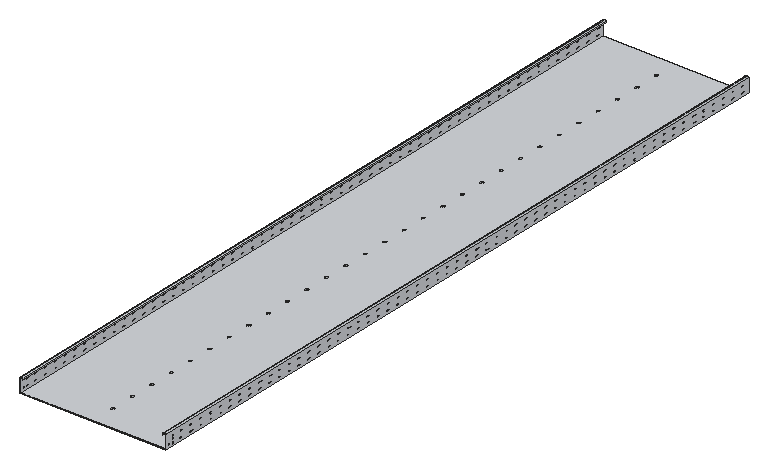
Revit family "Kabelrinne RKSM FT_615_620_630_640_650_660", category Generic Models, Revit 2017 (continued)
Dimensions and locks
  aligned and locked: plane 11 to cut or joined group 1 (Extrusion 1, Extrusion 5, Extrusion 8, Extrusion 10, Extrusion 11, Extrusion 13, Extrusion 14, Extrusion 15, Extrusion 16, Extrusion 17, Extrusion 18, Extrusion 19, Extrusion 20, Extrusion 21, Extrusion 22, Extrusion 23, Extrusion 24, Extrusion 25, Extrusion 26, Extrusion 27, Extrusion 28, Extrusion 29, Extrusion 30, Extrusion 31, Extrusion 32, Extrusion 33, Extrusion 34, Extrusion 35, Extrusion 36, Extrusion 37, Extrusion 38, Extrusion 39, Extrusion 40, Extrusion 41, Extrusion 42, Extrusion 43, Extrusion 44, Extrusion 45, Extrusion 46, Extrusion 47, Extrusion 48, Extrusion 49, Extrusion 50, Extrusion 51, Extrusion 52, Extrusion 53, Extrusion 54, Extrusion 55, Extrusion 56, Extrusion 57, Extrusion 58, Extrusion 59, Extrusion 60, Extrusion 61, Extrusion 62, Extrusion 63, Extrusion 64, Extrusion 65, Extrusion 66, Extrusion 67, Extrusion 68, Extrusion 69, Extrusion 70, Extrusion 71, Extrusion 72, Extrusion 73, Extrusion 74, Extrusion 75, Extrusion 76, Extrusion 77, Extrusion 78, Extrusion 79, Extrusion 80, Extrusion 81, Extrusion 82, Extrusion 83, Extrusion 84, Extrusion 85, Extrusion 86, Extrusion 87, Extrusion 88, Extrusion 89, Extrusion 90, Extrusion 91, Extrusion 92, Extrusion 93, Extrusion 94, Extrusion 95, Extrusion 96, Extrusion 97, Extrusion 98, Extrusion 99, Extrusion 100, Extrusion 101, Extrusion 102, Extrusion 103, Extrusion 104, Extrusion 105, Extrusion 106, Extrusion 107, Extrusion 108, Extrusion 109, Extrusion 110, Extrusion 111, Extrusion 112, Extrusion 113, Extrusion 114, Extrusion 115, Extrusion 116, Extrusion 117, Extrusion 118, Extrusion 119, Extrusion 120, Extrusion 121, Extrusion 122, Extrusion 123, Extrusion 124, Extrusion 125, Extrusion 126, Extrusion 127, Extrusion 128, Extrusion 129, Extrusion 130, Extrusion 131, Extrusion 132, Extrusion 133, Extrusion 134, Extrusion 135, Extrusion 136, Extrusion 137, Extrusion 138, Extrusion 139, Extrusion 140, Extrusion 141, Extrusion 142, Extrusion 143, Extrusion 144, Extrusion 145, Extrusion 146, Extrusion 147, Extrusion 148, Extrusion 149, Extrusion 150, Extrusion 151, Extrusion 152, Extrusion 153, Extrusion 154, Extrusion 155, Extrusion 156, Extrusion 157, Extrusion 158, Extrusion 159, Extrusion 160, Extrusion 161, Extrusion 162, Extrusion 163, Extrusion 164, Extrusion 165, Extrusion 166, Extrusion 167, Extrusion 168, Extrusion 169, Extrusion 170, Extrusion 171, Extrusion 172, Extrusion 173, Extrusion 174, Extrusion 175, Extrusion 176, Extrusion 177, Extrusion 178, Extrusion 179, Extrusion 180, Extrusion 181, Extrusion 182, Extrusion 183, Extrusion 184, Extrusion 185, Extrusion 186, Extrusion 187, Extrusion 188, Extrusion 189, Extrusion 190, Extrusion 191, Extrusion 192, Extrusion 193, Extrusion 194, Extrusion 195, Extrusion 196, Extrusion 197, Extrusion 198, Extrusion 199, Extrusion 200, Extrusion 201, Extrusion 202, Extrusion 203, Extrusion 204, Extrusion 205, Extrusion 206, Extrusion 207, Extrusion 208, Extrusion 209, Extrusion 210, Extrusion 211, Extrusion 212, Extrusion 213, Extrusion 214, Extrusion 215, Extrusion 216, Extrusion 217, Extrusion 218, Extrusion 219, Extrusion 220, Extrusion 221, Extrusion 222, Extrusion 223, Extrusion 224, Extrusion 225, Extrusion 226, Extrusion 227, Extrusion 228, Extrusion 229, Extrusion 230, Extrusion 231, Extrusion 232, Extrusion 233, Extrusion 234, Extrusion 235, Extrusion 236, Extrusion 237, Extrusion 238, Extrusion 239, Extrusion 240, Extrusion 241, Extrusion 242, Extrusion 243, Extrusion 244, Extrusion 245, Extrusion 246, Extrusion 247, Extrusion 248, Extrusion 249, Extrusion 250, Extrusion 251, Extrusion 252, Extrusion 253, Extrusion 254, Extrusion 255, Extrusion 256, Extrusion 257, Extrusion 258, Extrusion 259, Extrusion 260, Extrusion 261, Extrusion 262, Extrusion 263, Extrusion 264, Extrusion 265, Extrusion 266, Extrusion 267, Extrusion 268, Extrusion 269, Extrusion 270, Extrusion 271, Extrusion 272, Extrusion 273, Extrusion 274, Extrusion 275, Extrusion 276, Extrusion 277)
  aligned and locked: cut or joined group 1 to cut or joined group 1  (x112)
  aligned and locked: Extrusion 19 sketch curve to Extrusion 19 sketch curve
  aligned and locked: Extrusion 20 sketch curve to Extrusion 20 sketch curve
  aligned and locked: Extrusion 21 sketch curve to Extrusion 21 sketch curve
  aligned and locked: Extrusion 22 sketch curve to Extrusion 22 sketch curve
  aligned and locked: Extrusion 23 sketch curve to Extrusion 23 sketch curve
  aligned and locked: Extrusion 24 sketch curve to Extrusion 24 sketch curve
  aligned and locked: Extrusion 25 sketch curve to Extrusion 25 sketch curve
  aligned and locked: Extrusion 26 sketch curve to Extrusion 26 sketch curve
  aligned and locked: cut or joined group 1 to Extrusion 20
  aligned and locked: cut or joined group 1 to Extrusion 14
  aligned and locked: Extrusion 29 sketch curve to Extrusion 29 sketch curve
  aligned and locked: Extrusion 30 sketch curve to Extrusion 30 sketch curve
  aligned and locked: Extrusion 31 sketch curve to Extrusion 31 sketch curve
  aligned and locked: Extrusion 32 sketch curve to Extrusion 32 sketch curve
  aligned and locked: Extrusion 33 sketch curve to Extrusion 33 sketch curve
  aligned and locked: Extrusion 34 sketch curve to Extrusion 34 sketch curve
  aligned and locked: Extrusion 35 sketch curve to Extrusion 35 sketch curve
  aligned and locked: Extrusion 36 sketch curve to Extrusion 36 sketch curve
  aligned and locked: Extrusion 37 sketch curve to Extrusion 37 sketch curve
  aligned and locked: Extrusion 38 sketch curve to Extrusion 38 sketch curve
  aligned and locked: Extrusion 39 sketch curve to Extrusion 39 sketch curve
  aligned and locked: Extrusion 40 sketch curve to Extrusion 40 sketch curve
  aligned and locked: Extrusion 41 sketch curve to Extrusion 41 sketch curve
  aligned and locked: Extrusion 42 sketch curve to Extrusion 42 sketch curve
  aligned and locked: Extrusion 43 sketch curve to Extrusion 43 sketch curve
  aligned and locked: Extrusion 44 sketch curve to Extrusion 44 sketch curve
  aligned and locked: Extrusion 45 sketch curve to Extrusion 45 sketch curve
  aligned and locked: Extrusion 46 sketch curve to Extrusion 46 sketch curve
  aligned and locked: Extrusion 47 sketch curve to Extrusion 47 sketch curve
  aligned and locked: Extrusion 48 sketch curve to Extrusion 48 sketch curve
  aligned and locked: Extrusion 49 sketch curve to Extrusion 49 sketch curve
  aligned and locked: Extrusion 50 sketch curve to Extrusion 50 sketch curve
  aligned and locked: Extrusion 51 sketch curve to Extrusion 51 sketch curve
  aligned and locked: Extrusion 52 sketch curve to Extrusion 52 sketch curve
  aligned and locked: Extrusion 53 sketch curve to Extrusion 53 sketch curve
  aligned and locked: Extrusion 54 sketch curve to Extrusion 54 sketch curve
  aligned and locked: Extrusion 55 sketch curve to Extrusion 55 sketch curve
  aligned and locked: Extrusion 56 sketch curve to Extrusion 56 sketch curve
  aligned and locked: Extrusion 57 sketch curve to Extrusion 57 sketch curve
  aligned and locked: Extrusion 58 sketch curve to Extrusion 58 sketch curve
  aligned and locked: Extrusion 59 sketch curve to Extrusion 59 sketch curve
  aligned and locked: Extrusion 60 sketch curve to Extrusion 60 sketch curve
  aligned and locked: Extrusion 61 sketch curve to Extrusion 61 sketch curve
  aligned and locked: Extrusion 62 sketch curve to Extrusion 62 sketch curve
  aligned and locked: Extrusion 63 sketch curve to Extrusion 63 sketch curve
  aligned and locked: Extrusion 64 sketch curve to Extrusion 64 sketch curve
  aligned and locked: Extrusion 65 sketch curve to Extrusion 65 sketch curve
  aligned and locked: Extrusion 66 sketch curve to Extrusion 66 sketch curve
  aligned and locked: Extrusion 67 sketch curve to Extrusion 67 sketch curve
  aligned and locked: Extrusion 68 sketch curve to Extrusion 68 sketch curve
  aligned and locked: Extrusion 69 sketch curve to Extrusion 69 sketch curve
  aligned and locked: Extrusion 70 sketch curve to Extrusion 70 sketch curve
  aligned and locked: Extrusion 71 sketch curve to Extrusion 71 sketch curve
  aligned and locked: Extrusion 72 sketch curve to Extrusion 72 sketch curve
  aligned and locked: Extrusion 73 sketch curve to Extrusion 73 sketch curve
  aligned and locked: Extrusion 74 sketch curve to Extrusion 74 sketch curve
  aligned and locked: Extrusion 75 sketch curve to Extrusion 75 sketch curve
  aligned and locked: Extrusion 76 sketch curve to Extrusion 76 sketch curve
  aligned and locked: Extrusion 77 sketch curve to Extrusion 77 sketch curve
  aligned and locked: Extrusion 78 sketch curve to Extrusion 78 sketch curve
  aligned and locked: Extrusion 79 sketch curve to Extrusion 79 sketch curve
  aligned and locked: Extrusion 80 sketch curve to Extrusion 80 sketch curve
  aligned and locked: Extrusion 81 sketch curve to Extrusion 81 sketch curve
  aligned and locked: Extrusion 82 sketch curve to Extrusion 82 sketch curve
  aligned and locked: Extrusion 83 sketch curve to Extrusion 83 sketch curve
  aligned and locked: Extrusion 84 sketch curve to Extrusion 84 sketch curve
  aligned and locked: Extrusion 85 sketch curve to Extrusion 85 sketch curve
  aligned and locked: Extrusion 86 sketch curve to Extrusion 86 sketch curve
  aligned and locked: Extrusion 87 sketch curve to Extrusion 87 sketch curve
  aligned and locked: Extrusion 88 sketch curve to Extrusion 88 sketch curve
  aligned and locked: Extrusion 89 sketch curve to Extrusion 89 sketch curve
  aligned and locked: Extrusion 90 sketch curve to Extrusion 90 sketch curve
  aligned and locked: Extrusion 91 sketch curve to Extrusion 91 sketch curve
  aligned and locked: Extrusion 92 sketch curve to Extrusion 92 sketch curve
  aligned and locked: Extrusion 93 sketch curve to Extrusion 93 sketch curve
  aligned and locked: Extrusion 94 sketch curve to Extrusion 94 sketch curve
  aligned and locked: Extrusion 95 sketch curve to Extrusion 95 sketch curve
  aligned and locked: Extrusion 96 sketch curve to Extrusion 96 sketch curve
  aligned and locked: Extrusion 97 sketch curve to Extrusion 97 sketch curve
  aligned and locked: Extrusion 98 sketch curve to Extrusion 98 sketch curve
  aligned and locked: Extrusion 99 sketch curve to Extrusion 99 sketch curve
  aligned and locked: Extrusion 100 sketch curve to Extrusion 100 sketch curve
  aligned and locked: Extrusion 101 sketch curve to Extrusion 101 sketch curve
  aligned and locked: Extrusion 102 sketch curve to Extrusion 102 sketch curve
  aligned and locked: Extrusion 103 sketch curve to Extrusion 103 sketch curve
  aligned and locked: Extrusion 104 sketch curve to Extrusion 104 sketch curve
  aligned and locked: Extrusion 105 sketch curve to Extrusion 105 sketch curve
  aligned and locked: Extrusion 106 sketch curve to Extrusion 106 sketch curve
  aligned and locked: Extrusion 107 sketch curve to Extrusion 107 sketch curve
  aligned and locked: Extrusion 108 sketch curve to Extrusion 108 sketch curve
  aligned and locked: Extrusion 109 sketch curve to Extrusion 109 sketch curve
  aligned and locked: Extrusion 110 sketch curve to Extrusion 110 sketch curve
  aligned and locked: Extrusion 111 sketch curve to Extrusion 111 sketch curve
  aligned and locked: Extrusion 112 sketch curve to Extrusion 112 sketch curve
  aligned and locked: Extrusion 113 sketch curve to Extrusion 113 sketch curve
  aligned and locked: Extrusion 114 sketch curve to Extrusion 114 sketch curve
  aligned and locked: Extrusion 115 sketch curve to Extrusion 115 sketch curve
  aligned and locked: Extrusion 116 sketch curve to Extrusion 116 sketch curve
  aligned and locked: Extrusion 117 sketch curve to Extrusion 117 sketch curve
  aligned and locked: Extrusion 118 sketch curve to Extrusion 118 sketch curve
  aligned and locked: Extrusion 119 sketch curve to Extrusion 119 sketch curve
  aligned and locked: Extrusion 120 sketch curve to Extrusion 120 sketch curve
  aligned and locked: Extrusion 121 sketch curve to Extrusion 121 sketch curve
  aligned and locked: Extrusion 122 sketch curve to Extrusion 122 sketch curve
  aligned and locked: Extrusion 123 sketch curve to Extrusion 123 sketch curve
  aligned and locked: Extrusion 124 sketch curve to Extrusion 124 sketch curve
  aligned and locked: Extrusion 125 sketch curve to Extrusion 125 sketch curve
  aligned and locked: Extrusion 126 sketch curve to Extrusion 126 sketch curve
  aligned and locked: Extrusion 127 sketch curve to Extrusion 127 sketch curve
  aligned and locked: Extrusion 128 sketch curve to Extrusion 128 sketch curve
  aligned and locked: Extrusion 129 sketch curve to Extrusion 129 sketch curve
  aligned and locked: Extrusion 130 sketch curve to Extrusion 130 sketch curve
  aligned and locked: Extrusion 131 sketch curve to Extrusion 131 sketch curve
  aligned and locked: Extrusion 132 sketch curve to Extrusion 132 sketch curve
  aligned and locked: Extrusion 133 sketch curve to Extrusion 133 sketch curve
  aligned and locked: Extrusion 134 sketch curve to Extrusion 134 sketch curve
  aligned and locked: Extrusion 241 to level
  aligned and locked: Extrusion 1 to Extrusion 270
  aligned and locked: Extrusion 272 to plane 13
  aligned and locked: plane 14 to Extrusion 272
  aligned and locked: plane 13 to Extrusion 271
  aligned and locked: plane 14 to Extrusion 271
  aligned and locked: cut or joined group 1 to plane 13  (x2)
  aligned and locked: plane 14 to cut or joined group 1  (x2)
  aligned and locked: plane 15 to cut or joined group 1
  aligned and locked: cut or joined group 1 to plane 15  (x3)
  aligned and locked: plane 16 to cut or joined group 1  (x2)
  aligned and locked: plane 18 to Extrusion 273
  aligned and locked: plane 17 to Extrusion 273
  aligned and locked: plane 18 to cut or joined group 1
  aligned and locked: plane 17 to cut or joined group 1
  aligned and locked: plane 17 to plane 16
  aligned and locked: plane 20 to Extrusion 274
  aligned and locked: plane 19 to Extrusion 274
